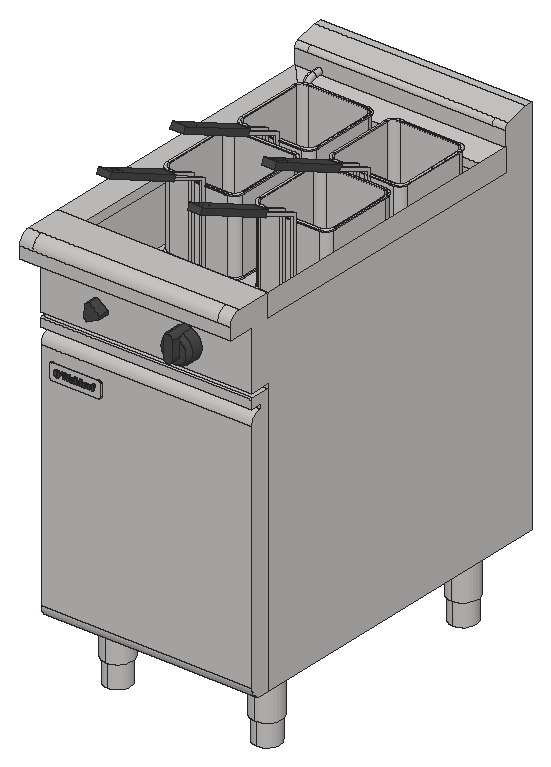
Revit family "QF_MOFFAT WALDORF_PCL8140G", category Specialty Equipment, Revit 2012
Parameters
  Weight in Pounds = 180.7788  # constant formula
  Width [instance] = 450.00 mm  # constant formula
  URL Cutsheet = "www.moffat.com"
  URL = "www.moffat.com"
  Type Mark [instance] = ""
  Status [instance] = ""
  Show 4 Basket [instance] = not(Show Rectangular Basket)  # yes
  Specification by User [instance] = ""
  Specification by Manufacturer = ""
  Show Rectangular Basket [instance] = no
  Show Logo [instance] = yes
  Show Clearance [instance] = yes
  Show Casters [instance] = no
  Serial Number = ""
  Seismic Rating = ""
  SMACNA No = ""
  Revision Code [instance] = ""
  Omniclass Number and Title = ""
  NAFEM Spec ID Number = ""
  Model = "PCL8140G"
  Mechanical Remarks = ""
  Masterspec = ""
  Manufacturer = "MOFFAT WALDORF"
  Legs [instance] = not(Show Casters)  # yes
  Item Number [instance] = ""
  Installed By [instance] = ""
  Indirect Waste Size = 1"
  Identify Quantity as Lot [instance] = yes
  Height = 970.00 mm  # constant formula
  Gas Size = 3/4"
  Gas RI Height = 0.00 mm
  Gas KW = 13
  Gas Input = 44547.0 Btu/h
  Gas Connection Height = 0.00 mm
  Furnished By [instance] = ""
  Foodservice Equipment Identifier [instance] = yes
  Description = "PASTA COOKER LOW SPLASHBACK GAS SINGLE PAN"
  Depth [instance] = 805.00 mm  # constant formula
  Cold Water Temperature Recommended = -459.67 °F
  Cold Water Size = 1/2"
  Cold Water RI Height = 0.00 mm
  Cold Water Minimum Pressure = 0.00 psi
  Cold Water Maximum Pressure = 0.00 psi
  Cold Water Flow = 0 GPM
  Cold Water Consumption = ""
  Cold Water Connection Height = 0.00 mm
  CSI MasterFormat = ""
  CSI Master Format = ""
  Body Finish = QF_Finishes_Stainless Steel
  Back Splash [instance] = 57.00 mm  # constant formula
  2 Basket [instance] = yes
Reference planes
  plane 1 "BACK": y = 0
  plane 2: z = 0
  plane 3 "LEFT": x = 0
  plane 4 "RIGHT": x = 450
  plane 5 "FRONT": y = -805
  plane 6 "TOP": z = 970
  plane 7 "Center Y": x = 225
  plane 8 "Center X": y = -402.5
  plane 9 "Base Height": z = 151
  plane 10: z = 915
  plane 11: y = -625
  plane 12: y = -100
  plane 13: y = -470
  plane 14: y = -556
  plane 15: z = 124
  plane 16: y = -36
Forms (mm)
  Extrusion 1, solid, material "QF_Finishes_Stainless Steel"
    sketch origin (0, 0, 0) x (0, 1, 0) y (0, 0, 1)
      loop
        line (-701.5, 740) -> (-701.5, 151) -> (0, 151) -> (0, 970) -> (-16.5, 970) -> (-61.106, 958.048)
        arc (-61.106, 958.048) -> (-67.52, 953.762) -> (-70, 946.457) r 12
        line (-70, 946.457) -> (-70, 866) -> (-705.2, 866) -> (-705.2, 915) -> (-781, 915)
        arc (-781, 915) -> (-797.971, 907.971) -> (-805, 891) r 24
        line (-805, 891) -> (-805, 866) -> (-749, 866) -> (-749, 740) -> (-701.5, 740)
    from 0 to 27.4
  Revolve 2, solid, material "QF_Finishes_Stainless Steel" <- "Body Finish", visible <- "Legs"
    sketch origin (65, -165, 0) x (0, 1, 0) y (0, 0, 1)
      loop
        line (33.25, 151) -> (33.25, 50) -> (37.5, 50) -> (37.5, 0) -> (65, 0) -> (65, 151) -> (33.25, 151)
      axis (65, 151) -> (65, 0)
    angle from 0 to 360
  Revolve 3, solid, material "QF_Finishes_Stainless Steel" <- "Body Finish"
    sketch origin (65, -735, 0) x (0, 1, 0) y (0, 0, 1)
      loop
        line (78.25, 151) -> (78.25, 50) -> (82.5, 50) -> (82.5, 0) -> (110, 0) -> (110, 151) -> (78.25, 151)
      axis (110, 151) -> (110, 0)
    angle from 0 to 360
  Revolve 4, solid, material "QF_Finishes_Stainless Steel" <- "Body Finish", visible <- "Legs"
    sketch origin (384, -165, 0) x (0, 1, 0) y (0, 0, -1)
      loop
        line (33.25, -151) -> (65, -151) -> (65, 0) -> (37.5, 0) -> (37.5, -50) -> (33.25, -50) -> (33.25, -151)
      axis (65, -151) -> (65, 0)
    angle from 0 to 360
  Revolve 5, solid, material "QF_Finishes_Stainless Steel" <- "Body Finish"
    sketch origin (384, -735, 0) x (0, 1, 0) y (0, 0, -1)
      loop
        line (78.25, -151) -> (110, -151) -> (110, 0) -> (82.5, 0) -> (82.5, -50) -> (78.25, -50) -> (78.25, -151)
      axis (110, -151) -> (110, 0)
    angle from 0 to 360
  Extrusion 6, solid, material "QF_Finishes_Stainless Steel" <- "Body Finish"
    sketch origin (0, 0, 0) x (0, 1, 0) y (0, 0, 1)
      loop
        line (-748.15, 727.85) -> (-748.15, 710.3) -> (-723.95, 710.3) -> (-723.95, 700.45)
        arc (-723.95, 700.45) -> (-740.921, 693.421) -> (-747.95, 676.45) r 24
        line (-747.95, 676.45) -> (-747.95, 175)
        arc (-747.95, 175) -> (-740.921, 158.029) -> (-723.95, 151) r 24
        line (-723.95, 151) -> (-705.2, 151) -> (-705.2, 730.3) -> (-745.7, 730.3)
        arc (-745.7, 730.3) -> (-747.432, 729.582) -> (-748.15, 727.85) r 2.45
    from 0 to 450
  Extrusion 7, solid, material "QF_Door-Drawer Clearances", visible <- "Show Clearance", detail levels coarse
    sketch origin (32.187, -705.2, 151) x (-1, 0, 0) y (0, 1, 0)
      loop
        line (32.187, -43.8) -> (-417.154, -43.8)
        arc (-417.154, -43.8) -> (-280.735, -348.331) -> (32.187, -464.211) r 431.007
        line (32.187, -464.211) -> (32.187, -43.8)
    from 0 to -580.3
  Extrusion 8, solid, material "QF_Finishes_Stainless Steel"
    sketch origin (450, -170.13, 0) x (0, -1, 0) y (0, 0, 1)
      loop
        line (531.37, 740) -> (578.87, 740) -> (578.87, 866) -> (634.87, 866) -> (634.87, 891)
        arc (634.87, 891) -> (627.841, 907.971) -> (610.87, 915) r 24
        line (610.87, 915) -> (535.07, 915) -> (535.07, 866) -> (-100.13, 866) -> (-100.13, 946.457)
        arc (-100.13, 946.457) -> (-102.609, 953.762) -> (-109.024, 958.048) r 12
        line (-109.024, 958.048) -> (-153.63, 970) -> (-170.13, 970) -> (-170.13, 151) -> (531.37, 151) -> (531.37, 740)
    from 0 to 27.4
  Extrusion 9, solid, material "QF_Finishes_Stainless Steel"
    sketch origin (0, 0, 0) x (0, 1, 0) y (0, 0, 1)
      loop
        line (-749, 866) -> (-749, 740) -> (-701.5, 740) -> (-701.5, 151) -> (0, 151) -> (0, 970) -> (-16.5, 970) -> (-61.106, 958.048)
        arc (-61.106, 958.048) -> (-67.52, 953.762) -> (-70, 946.457) r 12
        line (-70, 946.457) -> (-70, 866) -> (-96, 866) -> (-96, 750) -> (-501, 750) -> (-705.2, 866.786) -> (-705.2, 915) -> (-781, 915)
        arc (-781, 915) -> (-797.971, 907.971) -> (-805, 891) r 24
        line (-805, 891) -> (-805, 866) -> (-749, 866)
    from 27.4 to 422.6
  Sweep 10, solid, material "QF_Finishes_Stainless Steel"
    path origin (0, 0, 0) x (0, 1, 0) y (0, 0, 1)
      loop
        line (-70, 920.625) -> (-87.905, 920.625)
        arc (-87.905, 920.625) -> (-96.178, 918.394) -> (-102.208, 912.304) r 16.453
    profile origin (0, -78.952, 920.625) x (0, 0, -1) y (1, 0, 0)
      loop
        circle (0, 51.829) r 6.35
  Extrusion 11, solid, material "QF_Finishes_Stainless Steel"
    sketch origin (-196.63, -865.306, 151) x (1, 0, 0) y (0, -1, 0)
      loop
        circle (314.63, -395.306) r 12.7
    from 0 to 2
  Extrusion 12, solid, material "QF_Finishes_Stainless Steel"
    sketch origin (-167.376, -871.63, 151) x (1, 0, 0) y (0, -1, 0)
      loop
        circle (216.501, -315.63) r 6.35
    from 0 to 2
  Extrusion 13, solid, material "QF_Finishes_Stainless Steel"
    sketch origin (-27.376, -607.036, 151) x (1, 0, 0) y (0, -1, 0)
      loop
        circle (179.376, -571.043) r 9.53
    from 0 to 27
  Extrusion 14, solid, material "QF_Finishes_Stainless Steel"
    sketch origin (99.375, 0, 93.136) x (0, 0, 1) y (1, 0, 0)
      loop
        circle (431.864, 160.515) r 13.5
    from 0 to 3
  Revolve 15, solid, material "QF_Finishes_Black"
    sketch origin (319, 0, 599.873) x (0, 1, 0) y (0, 0, -1)
      loop
        line (-782, -229.5) -> (-759, -229.5) -> (-759, -202) -> (-749, -202) -> (-749, -197) -> (-793, -197) -> (-793, -223.651) -> (-782, -229.5)
      axis (-793, -197) -> (-749, -197)
    angle from 0 to 360
  Extrusion 16, solid, material "QF_Finishes_Black"
    sketch origin (457.27, 0, 600.031) x (-1, 0, 0) y (0, 0, -1)
      loop
        arc (148.281, -188.035) -> (138.281, -178.035) -> (128.281, -188.035) r 10
        line (128.281, -188.035) -> (128.281, -222.969)
        arc (128.281, -222.969) -> (138.281, -232.969) -> (148.281, -222.969) r 10
        line (148.281, -222.969) -> (148.281, -188.035)
    from 759 to 808
  Extrusion 17, solid, material "QF_Finishes_Black"
    sketch origin (22.819, -759, 866) x (0, 0, -1) y (1, 0, 0)
      loop
        line (86.551, 101.927) -> (74.537, 128.133) -> (67.527, 128.793) -> (50.134, 105.178) -> (53.346, 98.172) -> (81.813, 95.495) -> (86.551, 101.927)
    from 0 to 23
  Sweep 18, solid, material "QF_Finishes_Stainless Steel"
    path in 3D
      loop
        line (0, -705.2, 866) -> (0, -70, 866) -> (450, -70, 866) -> (450, -705.2, 866)
    profile origin (0, -387.6, 866) x (-1, 0, 0) y (0, 0, 1)
      loop
        line (0, 49) -> (-27.4, 18.204) -> (-27.4, 0) -> (0, 0) -> (0, 49)
Cuts and joins
  joined: Extrusion 1, Extrusion 8, Extrusion 9
Lines and regions (mm)
  Split face 1
    outline origin (432.6, -514.021, 757.447) x (-1, 0, 0) y (0, -0.868059, 0.496462)
      loop
        circle (357.6, 30.257) r 7.5
  Split face 2
    outline origin (432.6, -514.021, 757.447) x (-1, 0, 0) y (0, -0.868059, 0.496462)
      loop
        circle (357.6, 90.257) r 7.5
  Split face 3
    outline origin (432.6, -514.021, 757.447) x (-1, 0, 0) y (0, -0.868059, 0.496462)
      loop
        circle (357.6, 150.257) r 7.5
  Split face 4
    outline origin (432.6, -501, 750) x (-1, 0, 0) y (0, -0.868059, 0.496462)
      loop
        circle (307.6, 45.257) r 7.5
  Split face 5
    outline origin (432.6, -501, 750) x (-1, 0, 0) y (0, -0.868059, 0.496462)
      loop
        circle (307.6, 105.257) r 7.5
  Split face 6
    outline origin (432.6, -501, 750) x (-1, 0, 0) y (0, -0.868059, 0.496462)
      loop
        circle (307.6, 165.257) r 7.5
  Split face 7
    outline origin (432.6, -501, 750) x (-1, 0, 0) y (0, -0.868059, 0.496462)
      loop
        circle (257.6, 45.257) r 7.5
  Split face 8
    outline origin (432.6, -501, 750) x (-1, 0, 0) y (0, -0.868059, 0.496462)
      loop
        circle (257.6, 105.257) r 7.5
  Split face 9
    outline origin (432.6, -501, 750) x (-1, 0, 0) y (0, -0.868059, 0.496462)
      loop
        circle (257.6, 165.257) r 7.5
  Split face 10
    outline origin (432.6, -501, 750) x (-1, 0, 0) y (0, -0.868059, 0.496462)
      loop
        circle (207.6, 45.257) r 7.5
  Split face 11
    outline origin (432.6, -501, 750) x (-1, 0, 0) y (0, -0.868059, 0.496462)
      loop
        circle (207.6, 105.257) r 7.5
  Split face 12
    outline origin (432.6, -501, 750) x (-1, 0, 0) y (0, -0.868059, 0.496462)
      loop
        circle (207.6, 165.257) r 7.5
  Split face 13
    outline origin (432.6, -501, 750) x (-1, 0, 0) y (0, -0.868059, 0.496462)
      loop
        circle (157.6, 45.257) r 7.5
  Split face 14
    outline origin (432.6, -501, 750) x (-1, 0, 0) y (0, -0.868059, 0.496462)
      loop
        circle (157.6, 105.257) r 7.5
  Split face 15
    outline origin (432.6, -501, 750) x (-1, 0, 0) y (0, -0.868059, 0.496462)
      loop
        circle (157.6, 165.257) r 7.5
  Split face 16
    outline origin (432.6, -501, 750) x (-1, 0, 0) y (0, -0.868059, 0.496462)
      loop
        circle (107.6, 45.257) r 7.5
  Split face 17
    outline origin (432.6, -501, 750) x (-1, 0, 0) y (0, -0.868059, 0.496462)
      loop
        circle (107.6, 105.257) r 7.5
  Split face 18
    outline origin (432.6, -501, 750) x (-1, 0, 0) y (0, -0.868059, 0.496462)
      loop
        circle (107.6, 165.257) r 7.5
  Split face 19
    outline origin (432.6, -501, 750) x (-1, 0, 0) y (0, -0.868059, 0.496462)
      loop
        circle (57.6, 45.257) r 7.5
  Split face 20
    outline origin (432.6, -501, 750) x (-1, 0, 0) y (0, -0.868059, 0.496462)
      loop
        circle (57.6, 105.257) r 7.5
  Split face 21
    outline origin (432.6, -501, 750) x (-1, 0, 0) y (0, -0.868059, 0.496462)
      loop
        circle (57.6, 165.257) r 7.5
  Split face 22
    outline origin (422.6, -16.5, 970) x (-1, 0, 0) y (0, -0.965926, -0.258819)
      loop
        line (347.957, 42.199) -> (347.957, 4.873) -> (367.957, 4.873) -> (367.957, 42.199) -> (347.957, 42.199)
  Split face 23
    outline origin (422.6, -16.5, 970) x (-1, 0, 0) y (0, -0.965926, -0.258819)
      loop
        line (312.957, 4.873) -> (312.957, 42.254) -> (292.957, 42.254) -> (292.957, 4.873) -> (312.957, 4.873)
  Split face 24
    outline origin (422.6, -16.5, 970) x (-1, 0, 0) y (0, -0.965926, -0.258819)
      loop
        line (257.957, 4.873) -> (257.957, 42.267) -> (237.957, 42.267) -> (237.957, 4.873) -> (257.957, 4.873)
  Split face 25
    outline origin (422.6, -16.5, 970) x (-1, 0, 0) y (0, -0.965926, -0.258819)
      loop
        line (207.957, 4.873) -> (207.957, 42.267) -> (187.957, 42.267) -> (187.957, 4.873) -> (207.957, 4.873)
  Split face 26
    outline origin (422.6, -16.5, 970) x (-1, 0, 0) y (0, -0.965926, -0.258819)
      loop
        line (157.957, 4.873) -> (157.957, 42.267) -> (137.957, 42.267) -> (137.957, 4.873) -> (157.957, 4.873)
  Split face 27
    outline origin (422.6, -16.5, 970) x (-1, 0, 0) y (0, -0.965926, -0.258819)
      loop
        line (107.935, 4.873) -> (107.935, 42.267) -> (88.003, 42.267) -> (88.003, 4.873) -> (107.935, 4.873)
  Split face 28
    outline origin (422.6, -16.5, 970) x (-1, 0, 0) y (0, -0.965926, -0.258819)
      loop
        line (57.957, 4.873) -> (57.957, 42.254) -> (37.957, 42.254) -> (37.957, 4.873) -> (57.957, 4.873)
  symbolic lines
    curve 1: line (0, 0, 0) -> (0, -805, 0)
    curve 2: line (450, 0, 0) -> (0, 0, 0)
    curve 3: line (450, -805, 0) -> (450, 0, 0)
    curve 4: line (0, -70, 0) -> (450, -70, 0)
    curve 5: line (0, -805, 0) -> (450, -805, 0)
    curve 8: line (27.4, -96, 0) -> (422.6, -96, 0)
    curve 9: line (27.4, -96, 0) -> (0, -70, 0)
    curve 10: line (27.4, -705.2, 0) -> (27.4, -96, 0)
    curve 11: line (450, -70, 0) -> (422.6, -96, 0)
    curve 12: line (422.6, -96, 0) -> (422.6, -705.2, 0)
    curve 13: line (27.4, -501, 0) -> (112.4, -501, 0)
    curve 14: line (450, -705.2, 0) -> (0, -705.2, 0)
    curve 15: line (142.4, -501, 0) -> (307.6, -501, 0)
    curve 16: line (337.6, -501, 0) -> (422.6, -501, 0)
    curve 17: line (74.643, -54.616, 0) -> (54.643, -54.616, 0)
    curve 18: line (54.643, -54.616, 0) -> (54.643, -20.708, 0)
    curve 19: line (54.643, -20.708, 0) -> (74.643, -20.708, 0)
    curve 20: line (74.643, -20.708, 0) -> (74.643, -54.616, 0)
    curve 21: line (109.643, -54.616, 0) -> (129.643, -54.616, 0)
    curve 22: line (129.643, -54.616, 0) -> (129.643, -20.708, 0)
    curve 23: line (129.643, -20.708, 0) -> (109.643, -20.708, 0)
    curve 24: line (109.643, -20.708, 0) -> (109.643, -54.616, 0)
    curve 25: line (164.643, -54.616, 0) -> (184.643, -54.616, 0)
    curve 26: line (184.643, -54.616, 0) -> (184.643, -20.708, 0)
    curve 27: line (184.643, -20.708, 0) -> (164.643, -20.708, 0)
    curve 28: line (164.643, -20.708, 0) -> (164.643, -54.616, 0)
    curve 29: line (214.643, -54.616, 0) -> (234.643, -54.616, 0)
    curve 30: line (234.643, -54.616, 0) -> (234.643, -20.708, 0)
    curve 31: line (234.643, -20.708, 0) -> (214.643, -20.708, 0)
    curve 32: line (214.643, -20.708, 0) -> (214.643, -54.616, 0)
    curve 33: line (284.643, -54.616, 0) -> (264.643, -54.616, 0)
    curve 34: line (264.643, -54.616, 0) -> (264.643, -20.708, 0)
    curve 35: line (264.643, -20.708, 0) -> (284.643, -20.708, 0)
    curve 36: line (284.643, -20.708, 0) -> (284.643, -54.616, 0)
    curve 37: line (334.643, -54.616, 0) -> (314.643, -54.616, 0)
    curve 38: line (314.643, -54.616, 0) -> (314.643, -20.708, 0)
    curve 39: line (314.643, -20.708, 0) -> (334.643, -20.708, 0)
    curve 40: line (334.643, -20.708, 0) -> (334.643, -54.616, 0)
    curve 41: line (384.643, -54.616, 0) -> (364.643, -54.616, 0)
    curve 42: line (364.643, -54.616, 0) -> (364.643, -20.708, 0)
    curve 43: line (364.643, -20.708, 0) -> (384.643, -20.708, 0)
    curve 44: line (384.643, -20.708, 0) -> (384.643, -54.616, 0)
    curve 45: spline (82.5, -540.285, 0) -> (82.244, -541.97, 0) -> (81.495, -543.541, 0) -> (80.303, -544.889, 0) -> (78.75, -545.924, 0) -> (76.941, -546.574, 0) -> (75, -546.796, 0) -> (73.059, -546.574, 0) -> (71.25, -545.924, 0) -> (69.697, -544.889, 0) -> (68.505, -543.541, 0) -> (67.756, -541.97, 0) -> (67.5, -540.285, 0)
    curve 46: spline (67.5, -540.285, 0) -> (67.756, -538.6, 0) -> (68.505, -537.03, 0) -> (69.697, -535.682, 0) -> (71.25, -534.647, 0) -> (73.059, -533.997, 0) -> (75, -533.775, 0) -> (76.941, -533.997, 0) -> (78.75, -534.647, 0) -> (80.303, -535.682, 0) -> (81.495, -537.03, 0) -> (82.244, -538.6, 0) -> (82.5, -540.285, 0)
    curve 47: spline (82.5, -592.369, 0) -> (82.244, -594.054, 0) -> (81.495, -595.624, 0) -> (80.303, -596.972, 0) -> (78.75, -598.007, 0) -> (76.941, -598.657, 0) -> (75, -598.879, 0) -> (73.059, -598.657, 0) -> (71.25, -598.007, 0) -> (69.697, -596.972, 0) -> (68.505, -595.624, 0) -> (67.756, -594.054, 0) -> (67.5, -592.369, 0)
    curve 48: spline (67.5, -592.369, 0) -> (67.756, -590.684, 0) -> (68.505, -589.114, 0) -> (69.697, -587.765, 0) -> (71.25, -586.731, 0) -> (73.059, -586.08, 0) -> (75, -585.858, 0) -> (76.941, -586.08, 0) -> (78.75, -586.731, 0) -> (80.303, -587.765, 0) -> (81.495, -589.114, 0) -> (82.244, -590.684, 0) -> (82.5, -592.369, 0)
    curve 49: spline (82.5, -644.452, 0) -> (82.244, -646.137, 0) -> (81.495, -647.708, 0) -> (80.303, -649.056, 0) -> (78.75, -650.091, 0) -> (76.941, -650.741, 0) -> (75, -650.963, 0) -> (73.059, -650.741, 0) -> (71.25, -650.091, 0) -> (69.697, -649.056, 0) -> (68.505, -647.708, 0) -> (67.756, -646.137, 0) -> (67.5, -644.452, 0)
    curve 50: spline (67.5, -644.452, 0) -> (67.756, -642.767, 0) -> (68.505, -641.197, 0) -> (69.697, -639.849, 0) -> (71.25, -638.814, 0) -> (73.059, -638.164, 0) -> (75, -637.942, 0) -> (76.941, -638.164, 0) -> (78.75, -638.814, 0) -> (80.303, -639.849, 0) -> (81.495, -641.197, 0) -> (82.244, -642.767, 0) -> (82.5, -644.452, 0)
    curve 51: spline (167.5, -540.285, 0) -> (167.756, -541.97, 0) -> (168.505, -543.541, 0) -> (169.697, -544.889, 0) -> (171.25, -545.924, 0) -> (173.059, -546.574, 0) -> (175, -546.796, 0) -> (176.941, -546.574, 0) -> (178.75, -545.924, 0) -> (180.303, -544.889, 0) -> (181.495, -543.541, 0) -> (182.244, -541.97, 0) -> (182.5, -540.285, 0)
    curve 52: spline (182.5, -540.285, 0) -> (182.244, -538.6, 0) -> (181.495, -537.03, 0) -> (180.303, -535.682, 0) -> (178.75, -534.647, 0) -> (176.941, -533.997, 0) -> (175, -533.775, 0) -> (173.059, -533.997, 0) -> (171.25, -534.647, 0) -> (169.697, -535.682, 0) -> (168.505, -537.03, 0) -> (167.756, -538.6, 0) -> (167.5, -540.285, 0)
    curve 53: spline (182.5, -592.369, 0) -> (182.244, -594.054, 0) -> (181.495, -595.624, 0) -> (180.303, -596.972, 0) -> (178.75, -598.007, 0) -> (176.941, -598.657, 0) -> (175, -598.879, 0) -> (173.059, -598.657, 0) -> (171.25, -598.007, 0) -> (169.697, -596.972, 0) -> (168.505, -595.624, 0) -> (167.756, -594.054, 0) -> (167.5, -592.369, 0)
    curve 54: spline (167.5, -592.369, 0) -> (167.756, -590.684, 0) -> (168.505, -589.114, 0) -> (169.697, -587.765, 0) -> (171.25, -586.731, 0) -> (173.059, -586.08, 0) -> (175, -585.858, 0) -> (176.941, -586.08, 0) -> (178.75, -586.731, 0) -> (180.303, -587.765, 0) -> (181.495, -589.114, 0) -> (182.244, -590.684, 0) -> (182.5, -592.369, 0)
    curve 55: spline (167.5, -644.452, 0) -> (167.756, -646.137, 0) -> (168.505, -647.708, 0) -> (169.697, -649.056, 0) -> (171.25, -650.091, 0) -> (173.059, -650.741, 0) -> (175, -650.963, 0) -> (176.941, -650.741, 0) -> (178.75, -650.091, 0) -> (180.303, -649.056, 0) -> (181.495, -647.708, 0) -> (182.244, -646.137, 0) -> (182.5, -644.452, 0)
    curve 56: spline (182.5, -644.452, 0) -> (182.244, -642.767, 0) -> (181.495, -641.197, 0) -> (180.303, -639.849, 0) -> (178.75, -638.814, 0) -> (176.941, -638.164, 0) -> (175, -637.942, 0) -> (173.059, -638.164, 0) -> (171.25, -638.814, 0) -> (169.697, -639.849, 0) -> (168.505, -641.197, 0) -> (167.756, -642.767, 0) -> (167.5, -644.452, 0)
    curve 57: spline (232.5, -540.285, 0) -> (232.244, -541.97, 0) -> (231.495, -543.541, 0) -> (230.303, -544.889, 0) -> (228.75, -545.924, 0) -> (226.941, -546.574, 0) -> (225, -546.796, 0) -> (223.059, -546.574, 0) -> (221.25, -545.924, 0) -> (219.697, -544.889, 0) -> (218.505, -543.541, 0) -> (217.756, -541.97, 0) -> (217.5, -540.285, 0)
    curve 58: spline (217.5, -540.285, 0) -> (217.756, -538.6, 0) -> (218.505, -537.03, 0) -> (219.697, -535.682, 0) -> (221.25, -534.647, 0) -> (223.059, -533.997, 0) -> (225, -533.775, 0) -> (226.941, -533.997, 0) -> (228.75, -534.647, 0) -> (230.303, -535.682, 0) -> (231.495, -537.03, 0) -> (232.244, -538.6, 0) -> (232.5, -540.285, 0)
    curve 59: spline (232.5, -592.369, 0) -> (232.244, -594.054, 0) -> (231.495, -595.624, 0) -> (230.303, -596.972, 0) -> (228.75, -598.007, 0) -> (226.941, -598.657, 0) -> (225, -598.879, 0) -> (223.059, -598.657, 0) -> (221.25, -598.007, 0) -> (219.697, -596.972, 0) -> (218.505, -595.624, 0) -> (217.756, -594.054, 0) -> (217.5, -592.369, 0)
    curve 60: spline (217.5, -592.369, 0) -> (217.756, -590.684, 0) -> (218.505, -589.114, 0) -> (219.697, -587.765, 0) -> (221.25, -586.731, 0) -> (223.059, -586.08, 0) -> (225, -585.858, 0) -> (226.941, -586.08, 0) -> (228.75, -586.731, 0) -> (230.303, -587.765, 0) -> (231.495, -589.114, 0) -> (232.244, -590.684, 0) -> (232.5, -592.369, 0)
    curve 61: spline (232.5, -644.452, 0) -> (232.244, -646.137, 0) -> (231.495, -647.708, 0) -> (230.303, -649.056, 0) -> (228.75, -650.091, 0) -> (226.941, -650.741, 0) -> (225, -650.963, 0) -> (223.059, -650.741, 0) -> (221.25, -650.091, 0) -> (219.697, -649.056, 0) -> (218.505, -647.708, 0) -> (217.756, -646.137, 0) -> (217.5, -644.452, 0)
    curve 62: spline (217.5, -644.452, 0) -> (217.756, -642.767, 0) -> (218.505, -641.197, 0) -> (219.697, -639.849, 0) -> (221.25, -638.814, 0) -> (223.059, -638.164, 0) -> (225, -637.942, 0) -> (226.941, -638.164, 0) -> (228.75, -638.814, 0) -> (230.303, -639.849, 0) -> (231.495, -641.197, 0) -> (232.244, -642.767, 0) -> (232.5, -644.452, 0)
    curve 63: spline (282.5, -644.452, 0) -> (282.244, -646.137, 0) -> (281.495, -647.708, 0) -> (280.303, -649.056, 0) -> (278.75, -650.091, 0) -> (276.941, -650.741, 0) -> (275, -650.963, 0) -> (273.059, -650.741, 0) -> (271.25, -650.091, 0) -> (269.697, -649.056, 0) -> (268.505, -647.708, 0) -> (267.756, -646.137, 0) -> (267.5, -644.452, 0)
    curve 64: spline (267.5, -644.452, 0) -> (267.756, -642.767, 0) -> (268.505, -641.197, 0) -> (269.697, -639.849, 0) -> (271.25, -638.814, 0) -> (273.059, -638.164, 0) -> (275, -637.942, 0) -> (276.941, -638.164, 0) -> (278.75, -638.814, 0) -> (280.303, -639.849, 0) -> (281.495, -641.197, 0) -> (282.244, -642.767, 0) -> (282.5, -644.452, 0)
    curve 65: spline (282.5, -592.369, 0) -> (282.244, -594.054, 0) -> (281.495, -595.624, 0) -> (280.303, -596.972, 0) -> (278.75, -598.007, 0) -> (276.941, -598.657, 0) -> (275, -598.879, 0) -> (273.059, -598.657, 0) -> (271.25, -598.007, 0) -> (269.697, -596.972, 0) -> (268.505, -595.624, 0) -> (267.756, -594.054, 0) -> (267.5, -592.369, 0)
    curve 66: spline (267.5, -592.369, 0) -> (267.756, -590.684, 0) -> (268.505, -589.114, 0) -> (269.697, -587.765, 0) -> (271.25, -586.731, 0) -> (273.059, -586.08, 0) -> (275, -585.858, 0) -> (276.941, -586.08, 0) -> (278.75, -586.731, 0) -> (280.303, -587.765, 0) -> (281.495, -589.114, 0) -> (282.244, -590.684, 0) -> (282.5, -592.369, 0)
    curve 67: spline (267.5, -540.285, 0) -> (267.756, -541.97, 0) -> (268.505, -543.541, 0) -> (269.697, -544.889, 0) -> (271.25, -545.924, 0) -> (273.059, -546.574, 0) -> (275, -546.796, 0) -> (276.941, -546.574, 0) -> (278.75, -545.924, 0) -> (280.303, -544.889, 0) -> (281.495, -543.541, 0) -> (282.244, -541.97, 0) -> (282.5, -540.285, 0)
    curve 68: spline (282.5, -540.285, 0) -> (282.244, -538.6, 0) -> (281.495, -537.03, 0) -> (280.303, -535.682, 0) -> (278.75, -534.647, 0) -> (276.941, -533.997, 0) -> (275, -533.775, 0) -> (273.059, -533.997, 0) -> (271.25, -534.647, 0) -> (269.697, -535.682, 0) -> (268.505, -537.03, 0) -> (267.756, -538.6, 0) -> (267.5, -540.285, 0)
    curve 69: spline (382.5, -540.285, 0) -> (382.244, -541.97, 0) -> (381.495, -543.541, 0) -> (380.303, -544.889, 0) -> (378.75, -545.924, 0) -> (376.941, -546.574, 0) -> (375, -546.796, 0) -> (373.059, -546.574, 0) -> (371.25, -545.924, 0) -> (369.697, -544.889, 0) -> (368.505, -543.541, 0) -> (367.756, -541.97, 0) -> (367.5, -540.285, 0)
    curve 70: spline (367.5, -540.285, 0) -> (367.756, -538.6, 0) -> (368.505, -537.03, 0) -> (369.697, -535.682, 0) -> (371.25, -534.647, 0) -> (373.059, -533.997, 0) -> (375, -533.775, 0) -> (376.941, -533.997, 0) -> (378.75, -534.647, 0) -> (380.303, -535.682, 0) -> (381.495, -537.03, 0) -> (382.244, -538.6, 0) -> (382.5, -540.285, 0)
    curve 71: spline (382.5, -592.369, 0) -> (382.244, -594.054, 0) -> (381.495, -595.624, 0) -> (380.303, -596.972, 0) -> (378.75, -598.007, 0) -> (376.941, -598.657, 0) -> (375, -598.879, 0) -> (373.059, -598.657, 0) -> (371.25, -598.007, 0) -> (369.697, -596.972, 0) -> (368.505, -595.624, 0) -> (367.756, -594.054, 0) -> (367.5, -592.369, 0)
    curve 72: spline (367.5, -592.369, 0) -> (367.756, -590.684, 0) -> (368.505, -589.114, 0) -> (369.697, -587.765, 0) -> (371.25, -586.731, 0) -> (373.059, -586.08, 0) -> (375, -585.858, 0) -> (376.941, -586.08, 0) -> (378.75, -586.731, 0) -> (380.303, -587.765, 0) -> (381.495, -589.114, 0) -> (382.244, -590.684, 0) -> (382.5, -592.369, 0)
    curve 73: spline (382.5, -644.452, 0) -> (382.244, -646.137, 0) -> (381.495, -647.708, 0) -> (380.303, -649.056, 0) -> (378.75, -650.091, 0) -> (376.941, -650.741, 0) -> (375, -650.963, 0) -> (373.059, -650.741, 0) -> (371.25, -650.091, 0) -> (369.697, -649.056, 0) -> (368.505, -647.708, 0) -> (367.756, -646.137, 0) -> (367.5, -644.452, 0)
    curve 74: spline (367.5, -644.452, 0) -> (367.756, -642.767, 0) -> (368.505, -641.197, 0) -> (369.697, -639.849, 0) -> (371.25, -638.814, 0) -> (373.059, -638.164, 0) -> (375, -637.942, 0) -> (376.941, -638.164, 0) -> (378.75, -638.814, 0) -> (380.303, -639.849, 0) -> (381.495, -641.197, 0) -> (382.244, -642.767, 0) -> (382.5, -644.452, 0)
    curve 75: line (422.6, -501, 0) -> (337.6, -501, 0)
  symbolic lines, style "QF_Door-Drawer Clearances"
    curve 6: arc (444.348, -805, 0) -> (401.304, -936.774, 0) -> (318.655, -1048.068, 0) r 431.007
    curve 7: line (60.402, -805, 0) -> (318.655, -1048.068, 0)
  sketch lines
    curve 76: line (0, -705.2, 866) -> (0, -70, 866)
    curve 77: line (450, -70, 866) -> (0, -70, 866)
    curve 78: line (450, -70, 866) -> (450, -705.2, 866)
Dimensions and locks
  equal spacing: plane 3 "LEFT", plane 7 "Center Y", plane 4 "RIGHT"
  "Width": plane 3 "LEFT" to plane 4 "RIGHT"
  equal spacing: plane 5 "FRONT", plane 8 "Center X", plane 1 "BACK"
  "Depth": plane 5 "FRONT" to plane 1 "BACK"
  plane 10 to level = 915.00 mm
  locked: plane 9 "Base Height" to level at 151
  plane 6 "TOP" to plane 10 = 55.00 mm
  plane 11 to plane 12 = 525.00 mm
  "Height": plane 6 "TOP" to level
  plane 13 to plane 1 "BACK" = 470.00 mm
  plane 14 to plane 1 "BACK" = 556.00 mm
  plane 15 to level = 124.00 mm
  plane 16 to plane 1 "BACK" = 36.00 mm
  aligned and locked: level to plane 2
Automatic sketch dimensions
  plane 1 "BACK" to curve 1 = 0.00 mm
  curve 1 to plane 3 "LEFT" = 0.00 mm
  plane 5 "FRONT" to curve 7 = 0.00 mm
  curve 59 to plane 7 "Center Y" = 0.00 mm
  curve 62 to plane 7 "Center Y" = 0.00 mm
  curve 58 to plane 7 "Center Y" = 0.00 mm
  curve 3 to plane 4 "RIGHT" = 0.00 mm
  plane 3 "LEFT" to curve 6 = 18.455 mm
  plane 3 "LEFT" to curve 10 = 27.40 mm
  plane 16 to curve 18 = 15.292 mm
  plane 3 "LEFT" to curve 18 = 54.643 mm
  plane 3 "LEFT" to curve 7 = 60.402 mm
  plane 3 "LEFT" to curve 48 = 67.50 mm
  curve 50 to curve 47 = 0.00 mm
  plane 14 to curve 46 = 15.715 mm
  curve 46 to curve 48 = 0.00 mm
  curve 17 to curve 20 = 20.00 mm
  curve 45 to curve 46 = 7.50 mm
  curve 48 to curve 47 = 7.50 mm
  curve 49 to curve 49 = 7.50 mm
  curve 17 to curve 24 = 35.00 mm
  curve 45 to curve 13 = 29.90 mm
  curve 49 to curve 14 = 367.50 mm
  curve 21 to curve 21 = 20.00 mm
  curve 13 to curve 15 = 30.00 mm
  plane 16 to curve 28 = 15.292 mm
  curve 22 to curve 28 = 35.00 mm
  curve 54 to plane 7 "Center Y" = 57.50 mm
  curve 55 to curve 53 = 0.00 mm
  curve 15 to curve 52 = 25.10 mm
  curve 51 to curve 52 = 7.50 mm
  curve 56 to curve 55 = 7.50 mm
  curve 54 to curve 54 = 7.50 mm
  curve 27 to curve 27 = 20.00 mm
  curve 31 to plane 7 "Center Y" = 10.357 mm
  curve 62 to plane 7 "Center Y" = 7.50 mm
  curve 60 to plane 7 "Center Y" = 7.50 mm
  curve 57 to plane 7 "Center Y" = 7.50 mm
  plane 7 "Center Y" to curve 30 = 9.643 mm
  curve 30 to curve 35 = 30.00 mm
  curve 61 to curve 64 = 35.00 mm
  curve 57 to curve 67 = 35.00 mm
  curve 59 to curve 65 = 35.00 mm
  curve 67 to curve 68 = 7.50 mm
  curve 64 to curve 64 = 7.50 mm
  curve 66 to curve 65 = 7.50 mm
  curve 33 to curve 36 = 20.00 mm
  curve 67 to curve 15 = 25.10 mm
  curve 35 to curve 38 = 30.00 mm
  plane 7 "Center Y" to curve 6 = 93.655 mm
  curve 37 to curve 37 = 20.00 mm
  curve 15 to curve 16 = 30.00 mm
  curve 75 to curve 16 = 0.00 mm
  curve 39 to curve 42 = 30.00 mm
  plane 14 to curve 69 = 15.715 mm
  curve 16 to curve 69 = 29.90 mm
  curve 74 to plane 11 = 19.452 mm
  curve 72 to curve 69 = 0.00 mm
  curve 73 to curve 73 = 7.50 mm
  curve 71 to curve 71 = 7.50 mm
  curve 69 to curve 70 = 7.50 mm
  curve 42 to curve 43 = 20.00 mm
  plane 4 "RIGHT" to curve 6 = 5.652 mm
  plane 5 "FRONT" to curve 7 = 243.068 mm
  curve 64 to plane 11 = 19.452 mm
  curve 62 to plane 11 = 19.452 mm
  curve 56 to plane 11 = 19.452 mm
  curve 50 to plane 11 = 19.452 mm
  plane 11 to curve 54 = 32.631 mm
  plane 11 to curve 66 = 32.631 mm
  plane 11 to curve 71 = 32.631 mm
  plane 11 to curve 48 = 32.631 mm
  plane 11 to curve 60 = 32.631 mm
  plane 14 to curve 58 = 15.715 mm
  plane 14 to curve 68 = 15.715 mm
  plane 14 to curve 51 = 15.715 mm
  curve 75 to plane 13 = 31.00 mm
  curve 13 to plane 13 = 31.00 mm
  curve 13 to curve 15 = 0.00 mm
  curve 16 to curve 75 = 0.00 mm
  plane 12 to curve 4 = 30.00 mm
  curve 11 to curve 4 = 0.00 mm
  curve 9 to curve 4 = 0.00 mm
  curve 36 to plane 16 = 18.616 mm
  curve 37 to plane 16 = 18.616 mm
  curve 26 to plane 16 = 18.616 mm
  curve 17 to plane 16 = 18.616 mm
  curve 24 to plane 16 = 18.616 mm
  curve 41 to plane 16 = 18.616 mm
  curve 32 to plane 16 = 18.616 mm
  plane 16 to curve 22 = 15.292 mm
  plane 16 to curve 44 = 15.292 mm
  plane 16 to curve 40 = 15.292 mm
  plane 16 to curve 36 = 15.292 mm
  plane 16 to curve 32 = 15.292 mm
  Extrusion 1 sketch curve to plane 5 "FRONT" = 0.00 mm
  Extrusion 1 sketch curve to plane 10 = 0.00 mm
  Extrusion 1 sketch curve to plane 9 "Base Height" = 0.00 mm
  Extrusion 1 sketch curve to plane 6 "TOP" = 0.00 mm
  Extrusion 1 sketch curve to plane 1 "BACK" = 0.00 mm
  Extrusion 1 sketch curve to Extrusion 1 sketch curve = 24.00 mm
  Extrusion 1 sketch curve to plane 5 "FRONT" = 56.00 mm
  Extrusion 1 sketch curve to Extrusion 1 sketch curve = 43.80 mm
  Extrusion 1 sketch curve to Extrusion 1 sketch curve = 47.50 mm
  Extrusion 1 sketch curve to plane 16 = 25.106 mm
  Extrusion 1 sketch curve to plane 16 = 22.00 mm
  plane 1 "BACK" to Extrusion 1 sketch curve = 16.50 mm
  Extrusion 1 sketch curve to Extrusion 1 sketch curve = 151.00 mm
  Extrusion 1 sketch curve to Extrusion 1 sketch curve = 25.00 mm
  Extrusion 1 sketch curve to Extrusion 1 sketch curve = 0.00 mm
  Extrusion 1 sketch curve to plane 6 "TOP" = 23.543 mm
  Revolve 2 sketch curve to plane 9 "Base Height" = 0.00 mm
  Revolve 2 sketch curve to level = 0.00 mm
  Revolve 2 sketch curve to plane 12 = 0.00 mm  (x2)
  Revolve 2 sketch curve to Revolve 2 sketch curve = 27.50 mm
  Revolve 2 sketch curve to Revolve 2 sketch curve = 31.75 mm
  Revolve 2 sketch curve to Revolve 2 sketch curve = 55.00 mm
  level to Revolve 2 sketch curve = 50.00 mm
  Revolve 2 sketch curve to Revolve 2 sketch curve = 0.00 mm
  Revolve 3 sketch curve to plane 9 "Base Height" = 0.00 mm
  Revolve 3 sketch curve to level = 0.00 mm
  Revolve 3 sketch curve to plane 11 = 0.00 mm  (x2)
  Revolve 3 sketch curve to plane 11 = 27.50 mm
  Revolve 3 sketch curve to Revolve 3 sketch curve = 31.75 mm
  Revolve 3 sketch curve to Revolve 3 sketch curve = 55.00 mm
  level to Revolve 3 sketch curve = 50.00 mm
  Revolve 3 sketch curve to Revolve 3 sketch curve = 0.00 mm
  Revolve 4 sketch curve to plane 9 "Base Height" = 0.00 mm
  Revolve 4 sketch curve to level = 0.00 mm
  Revolve 4 sketch curve to plane 12 = 0.00 mm  (x2)
  Revolve 4 sketch curve to Revolve 4 sketch curve = 27.50 mm
  Revolve 4 sketch curve to Revolve 4 sketch curve = 31.75 mm
  level to Revolve 4 sketch curve = 50.00 mm
  Revolve 4 sketch curve to Revolve 4 sketch curve = 0.00 mm
  Revolve 4 sketch curve to Revolve 4 sketch curve = 55.00 mm
  Revolve 5 sketch curve to plane 9 "Base Height" = 0.00 mm
  Revolve 5 sketch curve to level = 0.00 mm
  Revolve 5 sketch curve to plane 11 = 0.00 mm  (x2)
  Revolve 5 sketch curve to plane 11 = 27.50 mm
  Revolve 5 sketch curve to plane 11 = 31.75 mm
  level to Revolve 5 sketch curve = 50.00 mm
  Revolve 5 sketch curve to Revolve 5 sketch curve = 0.00 mm
  Revolve 5 sketch curve to Revolve 5 sketch curve = 55.00 mm
  Extrusion 6 sketch curve to plane 9 "Base Height" = 0.00 mm
  Extrusion 6 sketch curve to plane 5 "FRONT" = 56.85 mm
  Extrusion 6 sketch curve to Extrusion 6 sketch curve = 0.20 mm
  Extrusion 6 sketch curve to Extrusion 6 sketch curve = 2.45 mm
  Extrusion 6 sketch curve to Extrusion 6 sketch curve = 24.20 mm
  Extrusion 6 sketch curve to Extrusion 6 sketch curve = 24.00 mm
  Extrusion 6 sketch curve to Extrusion 6 sketch curve = 18.75 mm
  Extrusion 6 sketch curve to plane 10 = 238.55 mm
  Extrusion 6 sketch curve to Extrusion 6 sketch curve = 9.85 mm
  Extrusion 6 sketch curve to Extrusion 6 sketch curve = 17.55 mm
  Extrusion 7 sketch curve to Extrusion 6 = 0.00 mm
  Extrusion 7 sketch curve to Extrusion 6 = 18.455 mm
  Extrusion 7 sketch curve to Extrusion 6 = 0.658 mm
  Extrusion 6 to Extrusion 7 sketch curve = 14.849 mm
  Extrusion 7 sketch curve to Extrusion 7 sketch curve = 10.201 mm
  Extrusion 9 sketch curve to plane 5 "FRONT" = 0.00 mm
  Extrusion 9 sketch curve to plane 10 = 0.00 mm
  Extrusion 9 sketch curve to plane 9 "Base Height" = 0.00 mm
  Extrusion 9 sketch curve to plane 6 "TOP" = 0.00 mm
  Extrusion 9 sketch curve to plane 1 "BACK" = 0.00 mm
  Extrusion 9 sketch curve to plane 5 "FRONT" = 24.00 mm
  Extrusion 9 sketch curve to Extrusion 9 sketch curve = 32.00 mm
  Extrusion 9 sketch curve to Extrusion 9 sketch curve = 43.80 mm
  Extrusion 9 sketch curve to Extrusion 9 sketch curve = 47.50 mm
  Extrusion 9 sketch curve to plane 13 = 31.00 mm
  plane 12 to Extrusion 9 sketch curve = 4.00 mm
  plane 12 to Extrusion 9 sketch curve = 30.00 mm
  Extrusion 9 sketch curve to plane 16 = 25.106 mm
  Extrusion 9 sketch curve to plane 16 = 22.00 mm
  plane 1 "BACK" to Extrusion 9 sketch curve = 16.50 mm
  Extrusion 9 sketch curve to Extrusion 9 sketch curve = 151.00 mm
  Extrusion 9 sketch curve to plane 10 = 165.00 mm
  Extrusion 9 sketch curve to Extrusion 9 sketch curve = 25.00 mm
  Extrusion 9 sketch curve to Extrusion 9 sketch curve = 0.786 mm  (x2)
  Extrusion 9 sketch curve to plane 6 "TOP" = 23.543 mm
  Sweep 10 sketch curve to plane 12 = 2.208 mm
  plane 12 to Sweep 10 sketch curve = 12.095 mm
  plane 10 to Sweep 10 sketch curve = 5.625 mm
  Sweep 10 sketch curve to Sweep 10 sketch curve = 17.905 mm
  Sweep 10 sketch curve to plane 10 = 2.696 mm
  Sweep 10 sketch curve to profile plane = 0.00 mm
  plane 3 "LEFT" to Sweep 10 sketch curve = 51.829 mm
  cut or joined group of Extrusion 1, Extrusion 8, Extrusion 9 to Split face 1 sketch curve = 45.257 mm
  Split face 2 sketch curve to Split face 2 sketch curve = 7.50 mm
  cut or joined group of Extrusion 1, Extrusion 8, Extrusion 9 to Split face 2 sketch curve = 105.257 mm
  Split face 3 sketch curve to Split face 3 sketch curve = 7.50 mm
  cut or joined group of Extrusion 1, Extrusion 8, Extrusion 9 to Split face 3 sketch curve = 69.981 mm
  Split face 4 sketch curve to Split face 4 sketch curve = 7.50 mm
  cut or joined group of Extrusion 1, Extrusion 8, Extrusion 9 to Split face 4 sketch curve = 45.257 mm
  Split face 5 sketch curve to Split face 5 sketch curve = 7.50 mm
  cut or joined group of Extrusion 1, Extrusion 8, Extrusion 9 to Split face 5 sketch curve = 105.257 mm
  Split face 6 sketch curve to Split face 6 sketch curve = 7.50 mm
  cut or joined group of Extrusion 1, Extrusion 8, Extrusion 9 to Split face 6 sketch curve = 69.981 mm
  cut or joined group of Extrusion 1, Extrusion 8, Extrusion 9 to Split face 7 sketch curve = 45.257 mm
  Split face 7 sketch curve to Split face 7 sketch curve = 7.50 mm
  Split face 8 sketch curve to Split face 8 sketch curve = 7.50 mm
  cut or joined group of Extrusion 1, Extrusion 8, Extrusion 9 to Split face 8 sketch curve = 105.257 mm
  Split face 9 sketch curve to Split face 9 sketch curve = 7.50 mm
  cut or joined group of Extrusion 1, Extrusion 8, Extrusion 9 to Split face 9 sketch curve = 69.981 mm
  cut or joined group of Extrusion 1, Extrusion 8, Extrusion 9 to Split face 10 sketch curve = 45.257 mm
  Split face 10 sketch curve to Split face 10 sketch curve = 7.50 mm
  Split face 11 sketch curve to Split face 11 sketch curve = 7.50 mm
  cut or joined group of Extrusion 1, Extrusion 8, Extrusion 9 to Split face 11 sketch curve = 105.257 mm
  Split face 12 sketch curve to Split face 12 sketch curve = 7.50 mm
  cut or joined group of Extrusion 1, Extrusion 8, Extrusion 9 to Split face 12 sketch curve = 69.981 mm
  cut or joined group of Extrusion 1, Extrusion 8, Extrusion 9 to Split face 13 sketch curve = 45.257 mm
  Split face 13 sketch curve to Split face 13 sketch curve = 7.50 mm
  Split face 14 sketch curve to Split face 14 sketch curve = 7.50 mm
  cut or joined group of Extrusion 1, Extrusion 8, Extrusion 9 to Split face 14 sketch curve = 105.257 mm
  Split face 15 sketch curve to Split face 15 sketch curve = 7.50 mm
  cut or joined group of Extrusion 1, Extrusion 8, Extrusion 9 to Split face 15 sketch curve = 69.981 mm
  Split face 16 sketch curve to Split face 16 sketch curve = 7.50 mm
  cut or joined group of Extrusion 1, Extrusion 8, Extrusion 9 to Split face 16 sketch curve = 45.257 mm
  Split face 17 sketch curve to Split face 17 sketch curve = 7.50 mm
  cut or joined group of Extrusion 1, Extrusion 8, Extrusion 9 to Split face 17 sketch curve = 105.257 mm
  Split face 18 sketch curve to Split face 18 sketch curve = 7.50 mm
  cut or joined group of Extrusion 1, Extrusion 8, Extrusion 9 to Split face 18 sketch curve = 69.981 mm
  Split face 19 sketch curve to Split face 19 sketch curve = 7.50 mm
  cut or joined group of Extrusion 1, Extrusion 8, Extrusion 9 to Split face 19 sketch curve = 45.257 mm
  Split face 20 sketch curve to Split face 20 sketch curve = 7.50 mm
  cut or joined group of Extrusion 1, Extrusion 8, Extrusion 9 to Split face 20 sketch curve = 105.257 mm
  Split face 21 sketch curve to Split face 21 sketch curve = 7.50 mm
  cut or joined group of Extrusion 1, Extrusion 8, Extrusion 9 to Split face 21 sketch curve = 69.981 mm
  Extrusion 1 to Extrusion 11 sketch curve = 90.60 mm
  Extrusion 11 sketch curve to Extrusion 1 = 231.50 mm
  Extrusion 1 to Extrusion 12 sketch curve = 21.725 mm
  Extrusion 12 sketch curve to Extrusion 1 = 145.50 mm
  Extrusion 1 to Extrusion 13 sketch curve = 35.993 mm
  Extrusion 1 to Extrusion 13 sketch curve = 124.60 mm
  Extrusion 9 to Extrusion 14 sketch curve = 162.71 mm
  Extrusion 9 to Extrusion 14 sketch curve = 374.00 mm
  Split face 22 sketch curve to Split face 22 sketch curve = 20.00 mm
  Split face 22 sketch curve to cut or joined group of Extrusion 1, Extrusion 8, Extrusion 9 = 3.98 mm
  Split face 23 sketch curve to cut or joined group of Extrusion 1, Extrusion 8, Extrusion 9 = 3.926 mm
  Split face 23 sketch curve to Split face 23 sketch curve = 20.00 mm
  Split face 24 sketch curve to cut or joined group of Extrusion 1, Extrusion 8, Extrusion 9 = 3.912 mm
  Split face 24 sketch curve to Split face 24 sketch curve = 20.00 mm
  Split face 25 sketch curve to cut or joined group of Extrusion 1, Extrusion 8, Extrusion 9 = 3.912 mm
  Split face 25 sketch curve to Split face 25 sketch curve = 20.00 mm
  Split face 26 sketch curve to cut or joined group of Extrusion 1, Extrusion 8, Extrusion 9 = 3.912 mm
  Split face 26 sketch curve to Split face 26 sketch curve = 20.00 mm
  Split face 27 sketch curve to cut or joined group of Extrusion 1, Extrusion 8, Extrusion 9 = 3.912 mm
  Split face 27 sketch curve to Split face 27 sketch curve = 19.931 mm
  Split face 28 sketch curve to cut or joined group of Extrusion 1, Extrusion 8, Extrusion 9 = 3.926 mm
  Split face 28 sketch curve to Split face 28 sketch curve = 20.00 mm
  plane 12 to curve 11 = 4.00 mm
  plane 4 "RIGHT" to curve 11 = 27.40 mm
  Extrusion 8 sketch curve to plane 1 "BACK" = 0.00 mm
  Extrusion 8 sketch curve to plane 6 "TOP" = 0.00 mm
  Extrusion 8 sketch curve to plane 9 "Base Height" = 0.00 mm
  Extrusion 8 sketch curve to plane 10 = 0.00 mm
  Extrusion 8 sketch curve to plane 5 "FRONT" = 0.00 mm
  plane 1 "BACK" to Extrusion 8 sketch curve = 16.50 mm
  Extrusion 8 sketch curve to plane 16 = 22.00 mm
  Extrusion 8 sketch curve to Extrusion 8 sketch curve = 3.106 mm
  plane 12 to Extrusion 8 sketch curve = 30.00 mm
  Extrusion 8 sketch curve to plane 11 = 76.50 mm
  Extrusion 8 sketch curve to plane 11 = 80.20 mm
  Extrusion 8 sketch curve to Extrusion 8 sketch curve = 47.50 mm
  Extrusion 8 sketch curve to plane 5 "FRONT" = 24.00 mm
  Extrusion 8 sketch curve to Extrusion 8 sketch curve = 151.00 mm
  Extrusion 8 sketch curve to Extrusion 8 sketch curve = 25.00 mm
  Extrusion 8 sketch curve to Extrusion 8 sketch curve = 0.00 mm
  Extrusion 8 sketch curve to plane 6 "TOP" = 23.543 mm
  cut or joined group of Extrusion 1, Extrusion 8, Extrusion 9 to Split face 22 sketch curve = 4.873 mm
  cut or joined group of Extrusion 1, Extrusion 8, Extrusion 9 to Split face 23 sketch curve = 4.873 mm
  cut or joined group of Extrusion 1, Extrusion 8, Extrusion 9 to Split face 24 sketch curve = 4.873 mm
  cut or joined group of Extrusion 1, Extrusion 8, Extrusion 9 to Split face 25 sketch curve = 4.873 mm
  cut or joined group of Extrusion 1, Extrusion 8, Extrusion 9 to Split face 26 sketch curve = 4.873 mm
  cut or joined group of Extrusion 1, Extrusion 8, Extrusion 9 to Split face 27 sketch curve = 4.873 mm
  cut or joined group of Extrusion 1, Extrusion 8, Extrusion 9 to Split face 28 sketch curve = 4.873 mm
  Revolve 15 sketch curve to plane 5 "FRONT" = 12.00 mm
  Revolve 15 sketch curve to Revolve 15 sketch curve = 0.00 mm  (x2)
  Revolve 15 sketch curve to Revolve 15 sketch curve = 11.00 mm
  Revolve 15 sketch curve to Revolve 15 sketch curve = 12.70 mm
  Revolve 15 sketch curve to Revolve 15 sketch curve = 23.00 mm
  Revolve 15 sketch curve to Revolve 15 sketch curve = 10.00 mm
  Revolve 15 sketch curve to plane 10 = 85.627 mm
  Revolve 15 sketch curve to Revolve 15 sketch curve = 5.849 mm
  Revolve 15 sketch curve to Revolve 15 sketch curve = 27.50 mm
  Revolve 15 sketch curve to Revolve 15 sketch curve = 5.00 mm
  plane 7 "Center Y" to Extrusion 16 sketch curve = 103.988 mm
  Extrusion 16 sketch curve to Extrusion 16 sketch curve = 10.00 mm
  Extrusion 16 sketch curve to plane 10 = 92.00 mm
  Extrusion 16 sketch curve to Extrusion 16 sketch curve = 34.934 mm
  Extrusion 17 sketch curve to Extrusion 17 sketch curve = 3.212 mm
  Extrusion 17 sketch curve to Extrusion 17 sketch curve = 17.393 mm
  Extrusion 17 sketch curve to Extrusion 17 sketch curve = 7.011 mm
  Extrusion 17 sketch curve to Extrusion 17 sketch curve = 28.467 mm
  Extrusion 17 sketch curve to Extrusion 17 sketch curve = 4.738 mm
  Extrusion 17 sketch curve to Extrusion 17 sketch curve = 2.677 mm
  Extrusion 17 sketch curve to Extrusion 17 sketch curve = 6.432 mm
  Extrusion 17 sketch curve to Extrusion 17 sketch curve = 7.006 mm
  Extrusion 17 sketch curve to Extrusion 17 sketch curve = 26.207 mm
  Extrusion 17 sketch curve to Extrusion 17 sketch curve = 0.659 mm
  cut or joined group of Extrusion 1, Extrusion 8, Extrusion 9 to Split face 1 sketch curve = 47.60 mm
  Split face 2 sketch curve to Split face 2 sketch curve = 0.00 mm
  cut or joined group of Extrusion 1, Extrusion 8, Extrusion 9 to Split face 2 sketch curve = 55.10 mm
  Split face 3 sketch curve to Split face 3 sketch curve = 0.00 mm
  cut or joined group of Extrusion 1, Extrusion 8, Extrusion 9 to Split face 3 sketch curve = 55.10 mm
  Split face 4 sketch curve to Split face 4 sketch curve = 0.00 mm
  cut or joined group of Extrusion 1, Extrusion 8, Extrusion 9 to Split face 4 sketch curve = 105.10 mm
  Split face 5 sketch curve to Split face 5 sketch curve = 0.00 mm
  cut or joined group of Extrusion 1, Extrusion 8, Extrusion 9 to Split face 5 sketch curve = 105.10 mm
  Split face 6 sketch curve to Split face 6 sketch curve = 0.00 mm
  cut or joined group of Extrusion 1, Extrusion 8, Extrusion 9 to Split face 6 sketch curve = 105.10 mm
  Split face 7 sketch curve to Split face 7 sketch curve = 0.00 mm
  cut or joined group of Extrusion 1, Extrusion 8, Extrusion 9 to Split face 7 sketch curve = 155.10 mm
  Split face 8 sketch curve to Split face 8 sketch curve = 0.00 mm
  cut or joined group of Extrusion 1, Extrusion 8, Extrusion 9 to Split face 8 sketch curve = 155.10 mm
  Split face 9 sketch curve to Split face 9 sketch curve = 0.00 mm
  cut or joined group of Extrusion 1, Extrusion 8, Extrusion 9 to Split face 9 sketch curve = 155.10 mm
  Split face 10 sketch curve to Split face 10 sketch curve = 0.00 mm
  Split face 10 sketch curve to cut or joined group of Extrusion 1, Extrusion 8, Extrusion 9 = 190.10 mm
  Split face 11 sketch curve to Split face 11 sketch curve = 0.00 mm
  Split face 11 sketch curve to cut or joined group of Extrusion 1, Extrusion 8, Extrusion 9 = 190.10 mm
  Split face 12 sketch curve to Split face 12 sketch curve = 0.00 mm
  Split face 12 sketch curve to cut or joined group of Extrusion 1, Extrusion 8, Extrusion 9 = 190.10 mm
  Split face 13 sketch curve to Split face 13 sketch curve = 0.00 mm
  Split face 13 sketch curve to cut or joined group of Extrusion 1, Extrusion 8, Extrusion 9 = 140.10 mm
  Split face 14 sketch curve to Split face 14 sketch curve = 0.00 mm
  Split face 14 sketch curve to cut or joined group of Extrusion 1, Extrusion 8, Extrusion 9 = 140.10 mm
  Split face 15 sketch curve to Split face 15 sketch curve = 0.00 mm
  Split face 15 sketch curve to cut or joined group of Extrusion 1, Extrusion 8, Extrusion 9 = 140.10 mm
  Split face 16 sketch curve to Split face 16 sketch curve = 0.00 mm
  Split face 16 sketch curve to cut or joined group of Extrusion 1, Extrusion 8, Extrusion 9 = 90.10 mm
  Split face 17 sketch curve to Split face 17 sketch curve = 0.00 mm
  Split face 17 sketch curve to cut or joined group of Extrusion 1, Extrusion 8, Extrusion 9 = 90.10 mm
  Split face 18 sketch curve to Split face 18 sketch curve = 0.00 mm
  Split face 18 sketch curve to cut or joined group of Extrusion 1, Extrusion 8, Extrusion 9 = 90.10 mm
  Split face 19 sketch curve to Split face 19 sketch curve = 0.00 mm
  Split face 19 sketch curve to cut or joined group of Extrusion 1, Extrusion 8, Extrusion 9 = 40.10 mm
  Split face 20 sketch curve to Split face 20 sketch curve = 0.00 mm
  Split face 20 sketch curve to cut or joined group of Extrusion 1, Extrusion 8, Extrusion 9 = 40.10 mm
  Split face 21 sketch curve to Split face 21 sketch curve = 0.00 mm
  Split face 21 sketch curve to cut or joined group of Extrusion 1, Extrusion 8, Extrusion 9 = 40.10 mm
  Split face 22 sketch curve to cut or joined group of Extrusion 1, Extrusion 8, Extrusion 9 = 74.643 mm
  Split face 23 sketch curve to cut or joined group of Extrusion 1, Extrusion 8, Extrusion 9 = 129.643 mm
  Split face 24 sketch curve to cut or joined group of Extrusion 1, Extrusion 8, Extrusion 9 = 184.643 mm
  Split face 25 sketch curve to cut or joined group of Extrusion 1, Extrusion 8, Extrusion 9 = 215.357 mm
  Split face 26 sketch curve to cut or joined group of Extrusion 1, Extrusion 8, Extrusion 9 = 165.357 mm
  Split face 27 sketch curve to cut or joined group of Extrusion 1, Extrusion 8, Extrusion 9 = 115.403 mm
  Split face 28 sketch curve to cut or joined group of Extrusion 1, Extrusion 8, Extrusion 9 = 65.357 mm
  plane 12 to Extrusion 1 sketch curve = 30.00 mm
  Sweep 18 sketch curve to profile plane = 0.00 mm  (x2)
  profile plane to Sweep 18 sketch curve = 27.40 mm
  profile plane to Sweep 18 sketch curve = 18.204 mm
  Sweep 18 sketch curve to Sweep 18 sketch curve = 30.796 mm
  curve 73 to curve 71 = 0.00 mm
  curve 12 to curve 73 = 60.748 mm
  curve 14 to curve 49 = 60.748 mm
  radius of Sweep 10 sketch curve = 6.35 mm
  radius of Split face 1 sketch curve = 7.50 mm
  radius of Extrusion 11 sketch curve = 12.70 mm
  radius of Extrusion 12 sketch curve = 6.35 mm
  radius of Extrusion 13 sketch curve = 9.53 mm
  radius of Extrusion 14 sketch curve = 13.50 mm
Nested families
  nested 1: "PCL8140G-CASTERS" at (385, -100, 0), Show Casters <- "Show Casters", visible <- "Show Casters", type "PCL8140G-CASTERS"
    with Type Mark "", Status "", Specification by User "", Show Casters no, Revision Code "", Item Number "", Installed By "", Identify Quantity as Lot yes, Furnished By "", Foodservice Equipment Identifier yes
  nested 2: "WALDORF LOGO_FACE BASE" at (19.729, -747.95, 650.3) x (1, 0, 0) z (0, -1, 0), visible <- "Show Logo", type "WALDORF LOGO_FACE BASE", detail levels medium+fine
    with Show Logo yes
  nested 3: "PASTA COOKER BASKET" at (45, -111.25, 754.492), Show Rectangular Basket <- "Show Rectangular Basket", type "PASTA COOKER BASKET"
    with Width 165.00 mm, Type Mark "", Status "", Specification by User "", Show Rectangular Basket no, Revision Code "", Item Number "", Installed By "", Identify Quantity as Lot yes, Furnished By "", Foodservice Equipment Identifier yes, Deep 180.00 mm
  nested 4: "PASTA COOKER BASKET" at (405, -111.25, 754.492) x (-1, 0, 0) z (0, 0, 1), Show Rectangular Basket <- "Show Rectangular Basket", type "PASTA COOKER BASKET"
    with Width 165.00 mm, Type Mark "", Status "", Specification by User "", Show Rectangular Basket no, Revision Code "", Item Number "", Installed By "", Identify Quantity as Lot yes, Furnished By "", Foodservice Equipment Identifier yes, Deep 180.00 mm
  nested 5: "PASTA COOKER BASKET" at (45, -308.75, 754.492), Show Rectangular Basket <- "Show Rectangular Basket", visible <- "Show 4 Basket", type "PASTA COOKER BASKET"
    with Width 165.00 mm, Type Mark "", Status "", Specification by User "", Show Rectangular Basket no, Revision Code "", Item Number "", Installed By "", Identify Quantity as Lot yes, Furnished By "", Foodservice Equipment Identifier yes, Deep 180.00 mm
  nested 6: "PASTA COOKER BASKET" at (405, -308.75, 754.492) x (-1, 0, 0) z (0, 0, 1), Show Rectangular Basket <- "Show Rectangular Basket", visible <- "Show 4 Basket", type "PASTA COOKER BASKET"
    with Width 165.00 mm, Type Mark "", Status "", Specification by User "", Show Rectangular Basket no, Revision Code "", Item Number "", Installed By "", Identify Quantity as Lot yes, Furnished By "", Foodservice Equipment Identifier yes, Deep 180.00 mm
  nested 7: "PCL8140G-CASTERS" at (65.004, -100, 0), Show Casters <- "Show Casters", visible <- "Show Casters", type "PCL8140G-CASTERS"
    with Type Mark "", Status "", Specification by User "", Show Casters no, Revision Code "", Item Number "", Installed By "", Identify Quantity as Lot yes, Furnished By "", Foodservice Equipment Identifier yes
Connectors
  piping at (118, -470, 149)
    settings: on Extrusion 11, index 1, connector radius 1/2", flow factor 0, pipe flow 0 GPM, pressure drop 0.00 psi, fitting loss kfactor 0, connector angle 0.00°, fixture units 0, engagement length 0.00 mm, flow configuration 1, flow direction 2, fitting loss method 0, system type 16, joint type 0, gender type 0, connector reference index -1, connector utility 0, adjustable connector no, is connector primary yes, fitting loss table "", connector description "DRAIN"
  piping at (49.125, -556, 149)
    settings: on Extrusion 12, index 2, connector radius 1/4", flow factor 0, pipe flow 0 GPM, pressure drop 0.00 psi, fitting loss kfactor 0, connector angle 0.00°, fixture units 0, engagement length 0.00 mm, flow configuration 1, flow direction 1, fitting loss method 0, system type 20, joint type 0, gender type 0, connector reference index -1, connector utility 0, adjustable connector no, is connector primary no, fitting loss table "", connector description "COLD WATER CONNECTION"
  piping at (152, -35.993, 124)
    settings: on Extrusion 13, index 3, connector radius 0.37402", flow factor 0, pipe flow 0 GPM, pressure drop 0.00 psi, fitting loss kfactor 0, connector angle 0.00°, fixture units 0, engagement length 0.00 mm, flow configuration 1, flow direction 1, fitting loss method 0, system type 7, joint type 0, gender type 0, connector reference index -1, connector utility 0, adjustable connector no, is connector primary no, fitting loss table "", connector description "GAS CONNECTION"
  piping at (118, -470, 149)
    settings: on Extrusion 11, index 4, connector radius 1/2", flow factor 0, pipe flow 0 GPM, pressure drop 0.00 psi, fitting loss kfactor 0, connector angle 0.00°, fixture units 0, engagement length 0.00 mm, flow configuration 1, flow direction 2, fitting loss method 0, system type 16, joint type 0, gender type 0, connector reference index -1, connector utility 0, adjustable connector no, is connector primary no, fitting loss table "", connector description "DRAIN"
  piping at (49.125, -556, 149)
    settings: on Extrusion 12, index 5, connector radius 0.25197", flow factor 0, pipe flow 0 GPM, pressure drop 0.00 psi, fitting loss kfactor 0, connector angle 0.00°, fixture units 0, engagement length 0.00 mm, flow configuration 1, flow direction 1, fitting loss method 0, system type 20, joint type 0, gender type 0, connector reference index -1, connector utility 0, adjustable connector no, is connector primary no, fitting loss table "", connector description "COLD WATER CONNECTION"
Definition of nested family "WALDORF LOGO_FACE BASE"
  Parameters (values of type "WALDORF LOGO_FACE BASE")
    Show Logo [instance] = yes
    Default Elevation = 1219.20 mm
  Reference planes
    plane 1 "Center (Front/Back)": y = 0
    plane 2: z = 0
    plane 3 "Center (Left/Right)": x = 0
  Forms (mm)
    Extrusion 1, solid
      sketch origin (0, 0, 0) x (1, 0, 0) y (0, 1, 0)
        loop
          line (-1219.2, 1219.2) -> (-1219.2, -1219.2) -> (1219.2, -1219.2) -> (1219.2, 1219.2) -> (-1219.2, 1219.2)
      from 0 to -304.8
    Extrusion 2, solid, material "QF_Finishes_Stainless Steel", visible <- "Show Logo"
      sketch origin (0, -33.217, 0) x (1, 0, 0) y (0, 1, 0)
        loop
          arc (5, 34.14) -> (1.464, 32.676) -> (0, 29.14) r 5
          line (0, 29.14) -> (0, 5)
          arc (0, 5) -> (1.464, 1.464) -> (5, 0) r 5
          line (5, 0) -> (104, 0)
          arc (104, 0) -> (107.536, 1.464) -> (109, 5) r 5
          line (109, 5) -> (109, 29.14)
          arc (109, 29.14) -> (107.536, 32.676) -> (104, 34.14) r 5
          line (104, 34.14) -> (5, 34.14)
      from 0 to 1.588
    Extrusion 3, solid, material "QF_Finishes_Black", visible <- "Show Logo"
      sketch origin (0, -33.217, 1.588) x (1, 0, 0) y (0, 1, 0)
        loop
          line (24.772, 23.214) -> (27.992, 10.301) -> (31.551, 10.301) -> (33.443, 17.364) -> (35.205, 10.301) -> (39.332, 10.301) -> (42.077, 23.214) -> (38.352, 23.214) -> (36.676, 15.33) -> (35, 23.214) -> (31.752, 23.214) -> (30.076, 15.33) -> (28.4, 23.214) -> (24.772, 23.214)
        loop
          line (42.272, 17.055) -> (45.703, 17.055)
